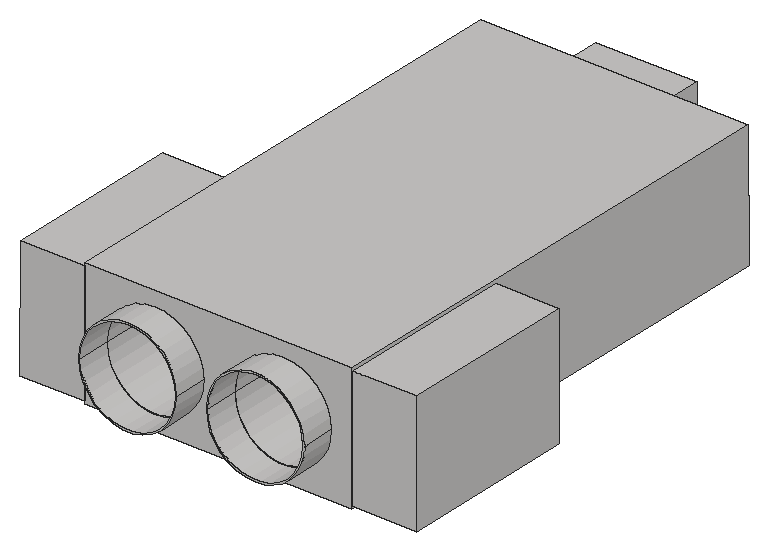
Revit family
Parameters
  Width = 2' - 3"
  Unit Weight = "104.0 lbs"
  URL = "http://www.titus-hvac.com/"
  UL = "181"
  SteriLoc Liner = Liner Option = 3  # no
  Outlet Width = 0' - 10 1/8"
  Outlet Height = 0' - 11 1/8"
  Nominal Width = Width + 1' 1"  # 3' - 4"
  Nominal Length = Length + Inlet Length + 0' 4"  # 4' - 9 3/8"
  Nominal Inlet Size = 0' - 10"
  Nominal Height = if(Height > 1' 0 1/4", Height, 1' 0 1/4")  # 1' - 0 3/4"
  NFPA = "90A"
  Model = "DMDV"
  Min. Air Flow = 0 CFM
  Max. Air Flow = 1400 CFM
  Material = Steel
  Manufacturer = "Titus"
  Liner Option = 0
  Length = 4' - 2"
  Inlet Void Radius = Inlet Radius - 0' 0 1/8"  # 0' - 4 13/16"
  Inlet Radius = Inlet Diameter / 2  # 0' - 4 15/16"
  Inlet Offset = 1' - 0 7/8"
  Inlet Length = 0' - 3 3/8"
  Inlet Diameter = Nominal Inlet Size - 0' 0 1/8"  # 0' - 9 7/8"
  Height = 1' - 0 3/4"
  Heat Air Pressure Drop [instance] = 0.00 in-wg
  Heat Air Flow [instance] = 0 CFM
  Fiber Free Liner = Liner Option = 2  # no
  Duct Radius = Nominal Inlet Size / 2  # 0' - 5"
  Description = "Dual Duct Terminal Unit, Digital Control, Pressure Independent, High Performance Mixer"
  Cool Air Pressure Drop [instance] = 0.00 in-wg
  Cool Air Flow [instance] = 0 CFM
  CADworks URL = "www.CADworks.net"
  Assembly Code = "D3040100"
  1/2" Fiberglass Liner = Liner Option = 0  # yes
  1" Fiberglass Liner = Liner Option = 1  # no
Reference planes (in)
  plane 1 "Center (Front/Back)": y = 0
  plane 2: z = 0
  plane 3 "Center (Left/Right)": x = 0
  plane 4: x = 13.5
  plane 5: x = -13.5
  plane 6: y = 25
  plane 7: y = -25
  plane 8: z = 6.375
  plane 9: z = -6.375
  plane 10: x = -6.4375
  plane 11: x = 6.4375
  plane 12: y = -28.375
  plane 13: y = 29
  plane 14: x = -20
  plane 15: x = 20
  plane 16: y = 1
  plane 17: y = -1
Forms (in)
  Extrusion 1, solid, material "Steel" <- "Material"
    sketch origin (0, 9.5, -24) x (1, 0, 0) y (0, 0, 1)
      loop
        line (-13.5, 30.375) -> (-13.5, 17.625) -> (13.5, 17.625) -> (13.5, 30.375) -> (-13.5, 30.375)
    from -15.5 to 34.5
  Extrusion 2, solid, material "Steel" <- "Material"
    sketch origin (0, -23.5, 0) x (1, 0, 0) y (0, 0, 1)
      loop
        line (13.5, 6.125) -> (13.5, -6.125) -> (20, -6.125) -> (20, 6.125) -> (13.5, 6.125)
    from -16.5 to 1.5
  Extrusion 3, solid, material "Steel" <- "Material"
    sketch origin (0, -21.5, 0) x (-1, 0, 0) y (0, 0, -1)
      loop
        line (13.5, -6.125) -> (20, -6.125) -> (20, 6.125) -> (13.5, 6.125) -> (13.5, -6.125)
    from -14.5 to 3.5
  Extrusion 4, solid, material "Steel" <- "Material"
    sketch origin (0, -19, 0) x (1, 0, 0) y (0, 0, 1)
      loop
        circle (-6.4375, 0) r 4.9375
    from 6 to 9.375
  Extrusion 5, solid, material "Steel" <- "Material"
    sketch origin (0, -19, 0) x (-1, 0, 0) y (0, 0, -1)
      loop
        circle (-6.4375, 0) r 4.9375
    from 6 to 9.375
  Extrusion 6, void
    sketch origin (0, -10.375, 0) x (1, 0, 0) y (0, 0, 1)
      loop
        circle (-6.4375, 0) r 4.8125
    from -9.375 to 18
  Extrusion 7, void
    sketch origin (0, 0, 0) x (1, 0, 0) y (0, 0, 1)
      loop
        circle (6.4375, 0) r 4.8125
    from 1 to 28.375
  Extrusion 8, solid, material "Steel" <- "Material"
    sketch origin (0, 23, 0) x (1, 0, 0) y (0, 0, 1)
      loop
        line (-5.0625, 5.5625) -> (-5.0625, -5.5625) -> (5.0625, -5.5625) -> (5.0625, 5.5625) -> (-5.0625, 5.5625)
    from -6 to -2
  Extrusion 9, void
    sketch origin (0, 21.5, 0) x (1, 0, 0) y (0, 0, 1)
      loop
        line (-4.8125, 5.3125) -> (-4.8125, -5.3125) -> (4.8125, -5.3125) -> (4.8125, 5.3125) -> (-4.8125, 5.3125)
    from -7.5 to 20.5
Cuts and joins
  Extrusion 6, Extrusion 7, Extrusion 9 cuts Extrusion 1
  Extrusion 6 cuts Extrusion 4
  Extrusion 7 cuts Extrusion 5
  Extrusion 9 cuts Extrusion 8
Dimensions and locks (in)
  "Length": plane 7 to plane 6
  equal spacing: plane 7, plane 1 "Center (Front/Back)", plane 6
  "Width": plane 5 to plane 4
  equal spacing: plane 5, plane 3 "Center (Left/Right)", plane 4
  "Height": plane 9 to plane 8
  equal spacing: plane 9, level, plane 8
  locked: Extrusion 2 to plane 7 at 18
  locked: Extrusion 2 to Extrusion 2 at 12.25
  equal spacing: Extrusion 2, plane 2, Extrusion 2, locked at 6.125 each
  locked: Extrusion 2 to plane 4 at 6.5
  locked: Extrusion 3 to Extrusion 3 at 12.25
  equal spacing: Extrusion 3, plane 2, Extrusion 3, locked at 6.125 each
  locked: Extrusion 3 to plane 5 at 6.5
  locked: Extrusion 3 to plane 7 at 18
  "Inlet Offset": plane 10 to plane 11
  equal spacing: plane 10, plane 3 "Center (Left/Right)", plane 11
  "Inlet Length": plane 7 to plane 12
  "Inlet Length": plane 7 to Extrusion 4
  "Inlet Length": Extrusion 5 to plane 7
  locked: plane 6 to plane 13 at 4
  "Outlet Width": Extrusion 8 sketch curve to Extrusion 8 sketch curve
  equal spacing: Extrusion 8 sketch curve, plane 3 "Center (Left/Right)", Extrusion 8 sketch curve
  locked: Extrusion 4 sketch curve to level at 0
  locked: Extrusion 4 sketch curve to plane 10 at 0
  locked: Extrusion 5 sketch curve to level at 0
  locked: Extrusion 5 sketch curve to plane 11 at 0
  locked: Extrusion 6 sketch curve to level at 0
  locked: Extrusion 6 sketch curve to plane 10 at 0
  locked: Extrusion 7 sketch curve to level at 0
  locked: Extrusion 7 sketch curve to plane 11 at 0
  locked: cut or joined group of Extrusion 8, Extrusion 9 to Extrusion 9 sketch curve at 0.25  (x3)
  locked: Extrusion 9 sketch curve to cut or joined group of Extrusion 8, Extrusion 9 at 0.25
  "Outlet Height": Extrusion 8 sketch curve to Extrusion 8 sketch curve
  equal spacing: Extrusion 8 sketch curve, plane 2, Extrusion 8 sketch curve
  "Nominal Width": plane 14 to plane 15
  plane 13 to plane 12 = 4' - 9 3/8"
  locked: plane 14 to plane 5 at 6.5
  equal spacing: cut or joined group of Extrusion 8, Extrusion 9, plane 3 "Center (Left/Right)", cut or joined group of Extrusion 8, Extrusion 9
  locked: plane 17 to plane 7 at 24
  locked: plane 16 to plane 6 at 24
  "Inlet Radius": radius of Extrusion 4 sketch curve
  "Inlet Radius": radius of Extrusion 5 sketch curve
  "Inlet Void Radius": radius of Extrusion 6 sketch curve
  "Inlet Void Radius": radius of Extrusion 7 sketch curve
  aligned and locked: plane 6 to Extrusion 1
  aligned and locked: plane 4 to Extrusion 1
  aligned and locked: plane 5 to Extrusion 1
  aligned and locked: plane 7 to Extrusion 1
  aligned and locked: plane 8 to Extrusion 1
  aligned and locked: plane 7 to Extrusion 2
  aligned and locked: plane 7 to Extrusion 3
  aligned and locked: plane 12 to Extrusion 4
  aligned and locked: plane 7 to Extrusion 4
  aligned and locked: plane 7 to Extrusion 5
  aligned and locked: plane 6 to Extrusion 8
  aligned and locked: plane 13 to Extrusion 8
  aligned and locked: plane 12 to cut or joined group of Extrusion 4, Extrusion 6  (x2)
  aligned and locked: plane 12 to cut or joined group of Extrusion 5, Extrusion 7  (x2)
  aligned and locked: plane 13 to cut or joined group of Extrusion 8, Extrusion 9  (x2)
  aligned and locked: plane 14 to Extrusion 3  (x2)
  aligned and locked: plane 15 to Extrusion 2
  aligned and locked: Extrusion 6 to plane 12
  aligned and locked: Extrusion 7 to plane 12
  aligned and locked: Extrusion 9 to plane 13
  aligned and locked: Extrusion 2 to plane 15
  aligned and locked: Extrusion 2 to cut or joined group of Extrusion 1, Extrusion 6, Extrusion 7, Extrusion 9
  aligned and locked: Extrusion 3 to cut or joined group of Extrusion 1, Extrusion 6, Extrusion 7, Extrusion 9
  aligned and locked: cut or joined group of Extrusion 1, Extrusion 6, Extrusion 7, Extrusion 9 to plane 8
  aligned and locked: plane 9 to cut or joined group of Extrusion 1, Extrusion 6, Extrusion 7, Extrusion 9
  aligned and locked: plane 16 to Extrusion 9
  aligned and locked: plane 17 to Extrusion 6
  aligned and locked: Extrusion 7 to cut or joined group of Extrusion 1, Extrusion 6, Extrusion 7, Extrusion 9
Automatic sketch dimensions
  Extrusion 1 sketch curve to plane 5 = 0' - 0"
  Extrusion 1 sketch curve to plane 4 = 0' - 0"
  plane 9 to Extrusion 1 sketch curve = 0' - 0"
  plane 8 to Extrusion 1 sketch curve = 0' - 0"
  Extrusion 2 sketch curve to plane 4 = 0' - 0"
  Extrusion 2 sketch curve to plane 9 = 0' - 0 1/4"
  Extrusion 2 sketch curve to Extrusion 2 sketch curve = 0' - 6 1/2"
  plane 8 to Extrusion 2 sketch curve = 0' - 0 1/4"
  Extrusion 3 sketch curve to plane 5 = 0' - 0"
  Extrusion 3 sketch curve to plane 9 = 0' - 0 1/4"
  Extrusion 3 sketch curve to Extrusion 3 sketch curve = 0' - 6 1/2"
  plane 8 to Extrusion 3 sketch curve = 0' - 0 1/4"
Connectors (in)
  hvac at (6.4375, -28.375, 0), driven by "Duct Radius", driven by "Cool Air Pressure Drop", driven by "Cool Air Flow"
    settings: on cut or joined group of Extrusion 5, Extrusion 7, index 1
  hvac at (-6.4375, -28.375, 0), driven by "Duct Radius", driven by "Heat Air Pressure Drop", driven by "Heat Air Flow"
    settings: on cut or joined group of Extrusion 4, Extrusion 6, index 2
  hvac at (0, 29, 0), driven by "Outlet Height", driven by "Outlet Width"
    settings: on cut or joined group of Extrusion 8, Extrusion 9, index 3
